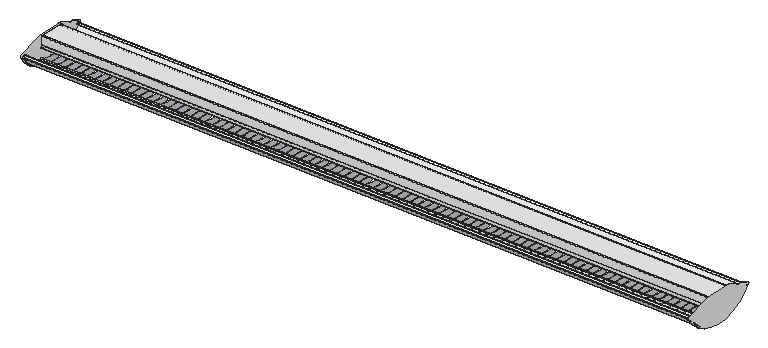
Revit family "LCBA92", category Lighting Fixtures, host Ceiling, Revit 2019 (continued)
Automatic sketch dimensions
  Extrusion 89 sketch curve to Extrusion 89 sketch curve = 0' - 0.25043"
  Extrusion 89 sketch curve to Extrusion 89 sketch curve = 0' - 0.11521"
  Extrusion 89 sketch curve to Extrusion 89 sketch curve = 0' - 0.04319"
  Extrusion 89 sketch curve to Extrusion 89 sketch curve = 0' - 0.08945"
  Extrusion 89 sketch curve to Extrusion 89 sketch curve = 0' - 0.05729"
  Extrusion 89 sketch curve to Extrusion 89 sketch curve = 0' - 0.02148"
  Extrusion 89 sketch curve to Extrusion 89 sketch curve = 0' - 0.04651"
  Extrusion 89 sketch curve to Extrusion 89 sketch curve = 0' - 0.11432"
  Extrusion 89 sketch curve to Extrusion 89 sketch curve = 0' - 0.00404"
  Extrusion 89 sketch curve to Extrusion 89 sketch curve = 0' - 0.06156"
  Extrusion 89 sketch curve to Extrusion 89 sketch curve = 0' - 0.05777"
  Extrusion 89 sketch curve to Extrusion 89 sketch curve = 0' - 0.24957"
  Extrusion 89 sketch curve to Extrusion 89 sketch curve = 0' - 0.1164"
  Extrusion 89 sketch curve to Extrusion 89 sketch curve = 0' - 0.0434"
  Extrusion 89 sketch curve to Extrusion 89 sketch curve = 0' - 0.08957"
  Extrusion 89 sketch curve to Extrusion 89 sketch curve = 0' - 0.05878"
  Extrusion 89 sketch curve to Extrusion 89 sketch curve = 0' - 0.02204"
  Extrusion 89 sketch curve to Extrusion 89 sketch curve = 0' - 0.11777"
  Extrusion 89 sketch curve to Extrusion 89 sketch curve = 0' - 1.81406"
  Extrusion 89 sketch curve to Extrusion 89 sketch curve = 0' - 0"
  Extrusion 89 sketch curve to Extrusion 89 sketch curve = 0' - 3.62674"
  Extrusion 89 sketch curve to Extrusion 89 sketch curve = 0' - 0.13108"
  Extrusion 89 sketch curve to Extrusion 89 sketch curve = 0' - 0.13208"
  Extrusion 89 sketch curve to Extrusion 89 sketch curve = 0' - 0.00107"
  Extrusion 89 sketch curve to Extrusion 89 sketch curve = 0' - 0.00122"
  Extrusion 89 sketch curve to Extrusion 89 sketch curve = 0' - 0.17689"
  Extrusion 89 sketch curve to Extrusion 89 sketch curve = 0' - 0.1749"
  Extrusion 90 sketch curve to Extrusion 90 sketch curve = 0' - 5.49786"
  Extrusion 90 sketch curve to Extrusion 90 sketch curve = 0' - 0.72846"
  Extrusion 90 sketch curve to Extrusion 90 sketch curve = 0' - 0.24983"
  Extrusion 90 sketch curve to Extrusion 90 sketch curve = 0' - 0.04916"
  Extrusion 90 sketch curve to Extrusion 90 sketch curve = 0' - 0.53161"
  Extrusion 90 sketch curve to Extrusion 90 sketch curve = 0' - 0.11075"
  Extrusion 90 sketch curve to Extrusion 90 sketch curve = 0' - 0.0006"
  Extrusion 90 sketch curve to Extrusion 90 sketch curve = 0' - 0.0618"
  Extrusion 90 sketch curve to Extrusion 90 sketch curve = 0' - 0.05701"
  Extrusion 90 sketch curve to Extrusion 90 sketch curve = 0' - 0.25043"
  Extrusion 90 sketch curve to Extrusion 90 sketch curve = 0' - 0.11521"
  Extrusion 90 sketch curve to Extrusion 90 sketch curve = 0' - 0.04319"
  Extrusion 90 sketch curve to Extrusion 90 sketch curve = 0' - 0.08945"
  Extrusion 90 sketch curve to Extrusion 90 sketch curve = 0' - 0.05729"
  Extrusion 90 sketch curve to Extrusion 90 sketch curve = 0' - 0.02148"
  Extrusion 90 sketch curve to Extrusion 90 sketch curve = 0' - 0.04651"
  Extrusion 90 sketch curve to Extrusion 90 sketch curve = 0' - 0.11432"
  Extrusion 90 sketch curve to Extrusion 90 sketch curve = 0' - 0.00404"
  Extrusion 90 sketch curve to Extrusion 90 sketch curve = 0' - 0.06156"
  Extrusion 90 sketch curve to Extrusion 90 sketch curve = 0' - 0.05777"
  Extrusion 90 sketch curve to Extrusion 90 sketch curve = 0' - 0.24957"
  Extrusion 90 sketch curve to Extrusion 90 sketch curve = 0' - 0.1164"
  Extrusion 90 sketch curve to Extrusion 90 sketch curve = 0' - 0.0434"
  Extrusion 90 sketch curve to Extrusion 90 sketch curve = 0' - 0.08957"
  Extrusion 90 sketch curve to Extrusion 90 sketch curve = 0' - 0.05878"
  Extrusion 90 sketch curve to Extrusion 90 sketch curve = 0' - 0.02204"
  Extrusion 90 sketch curve to Extrusion 90 sketch curve = 0' - 0.11777"
  Extrusion 90 sketch curve to Extrusion 90 sketch curve = 0' - 1.81406"
  Extrusion 90 sketch curve to Extrusion 90 sketch curve = 0' - 0"
  Extrusion 90 sketch curve to Extrusion 90 sketch curve = 0' - 3.62674"
  Extrusion 90 sketch curve to Extrusion 90 sketch curve = 0' - 0.13108"
  Extrusion 90 sketch curve to Extrusion 90 sketch curve = 0' - 0.13208"
  Extrusion 90 sketch curve to Extrusion 90 sketch curve = 0' - 0.00107"
  Extrusion 90 sketch curve to Extrusion 90 sketch curve = 0' - 0.00122"
  Extrusion 90 sketch curve to Extrusion 90 sketch curve = 0' - 0.17689"
  Extrusion 90 sketch curve to Extrusion 90 sketch curve = 0' - 0.1749"
  Extrusion 91 sketch curve to Extrusion 91 sketch curve = 0' - 5.49786"
  Extrusion 91 sketch curve to Extrusion 91 sketch curve = 0' - 0.72846"
  Extrusion 91 sketch curve to Extrusion 91 sketch curve = 0' - 0.24983"
  Extrusion 91 sketch curve to Extrusion 91 sketch curve = 0' - 0.04916"
  Extrusion 91 sketch curve to Extrusion 91 sketch curve = 0' - 0.53161"
  Extrusion 91 sketch curve to Extrusion 91 sketch curve = 0' - 0.11075"
  Extrusion 91 sketch curve to Extrusion 91 sketch curve = 0' - 0.0006"
  Extrusion 91 sketch curve to Extrusion 91 sketch curve = 0' - 0.0618"
  Extrusion 91 sketch curve to Extrusion 91 sketch curve = 0' - 0.05701"
  Extrusion 91 sketch curve to Extrusion 91 sketch curve = 0' - 0.25043"
  Extrusion 91 sketch curve to Extrusion 91 sketch curve = 0' - 0.11521"
  Extrusion 91 sketch curve to Extrusion 91 sketch curve = 0' - 0.04319"
  Extrusion 91 sketch curve to Extrusion 91 sketch curve = 0' - 0.08945"
  Extrusion 91 sketch curve to Extrusion 91 sketch curve = 0' - 0.05729"
  Extrusion 91 sketch curve to Extrusion 91 sketch curve = 0' - 0.02148"
  Extrusion 91 sketch curve to Extrusion 91 sketch curve = 0' - 0.04651"
  Extrusion 91 sketch curve to Extrusion 91 sketch curve = 0' - 0.11432"
  Extrusion 91 sketch curve to Extrusion 91 sketch curve = 0' - 0.00404"
  Extrusion 91 sketch curve to Extrusion 91 sketch curve = 0' - 0.06156"
  Extrusion 91 sketch curve to Extrusion 91 sketch curve = 0' - 0.05777"
  Extrusion 91 sketch curve to Extrusion 91 sketch curve = 0' - 0.24957"
  Extrusion 91 sketch curve to Extrusion 91 sketch curve = 0' - 0.1164"
  Extrusion 91 sketch curve to Extrusion 91 sketch curve = 0' - 0.0434"
  Extrusion 91 sketch curve to Extrusion 91 sketch curve = 0' - 0.08957"
  Extrusion 91 sketch curve to Extrusion 91 sketch curve = 0' - 0.05878"
  Extrusion 91 sketch curve to Extrusion 91 sketch curve = 0' - 0.02204"
  Extrusion 91 sketch curve to Extrusion 91 sketch curve = 0' - 0.11777"
  Extrusion 91 sketch curve to Extrusion 91 sketch curve = 0' - 1.81406"
  Extrusion 91 sketch curve to Extrusion 91 sketch curve = 0' - 0"
  Extrusion 91 sketch curve to Extrusion 91 sketch curve = 0' - 3.62674"
  Extrusion 91 sketch curve to Extrusion 91 sketch curve = 0' - 0.13108"
  Extrusion 91 sketch curve to Extrusion 91 sketch curve = 0' - 0.13208"
  Extrusion 91 sketch curve to Extrusion 91 sketch curve = 0' - 0.00107"
  Extrusion 91 sketch curve to Extrusion 91 sketch curve = 0' - 0.00122"
  Extrusion 91 sketch curve to Extrusion 91 sketch curve = 0' - 0.17689"
  Extrusion 91 sketch curve to Extrusion 91 sketch curve = 0' - 0.1749"
  Extrusion 92 sketch curve to Extrusion 92 sketch curve = 0' - 5.49786"
  Extrusion 92 sketch curve to Extrusion 92 sketch curve = 0' - 0.72846"
  Extrusion 92 sketch curve to Extrusion 92 sketch curve = 0' - 0.24983"
  Extrusion 92 sketch curve to Extrusion 92 sketch curve = 0' - 0.04916"
  Extrusion 92 sketch curve to Extrusion 92 sketch curve = 0' - 0.53161"
  Extrusion 92 sketch curve to Extrusion 92 sketch curve = 0' - 0.11075"
  Extrusion 92 sketch curve to Extrusion 92 sketch curve = 0' - 0.0006"
  Extrusion 92 sketch curve to Extrusion 92 sketch curve = 0' - 0.0618"
  Extrusion 92 sketch curve to Extrusion 92 sketch curve = 0' - 0.05701"
  Extrusion 92 sketch curve to Extrusion 92 sketch curve = 0' - 0.25043"
  Extrusion 92 sketch curve to Extrusion 92 sketch curve = 0' - 0.11521"
  Extrusion 92 sketch curve to Extrusion 92 sketch curve = 0' - 0.04319"
  Extrusion 92 sketch curve to Extrusion 92 sketch curve = 0' - 0.08945"
  Extrusion 92 sketch curve to Extrusion 92 sketch curve = 0' - 0.05729"
  Extrusion 92 sketch curve to Extrusion 92 sketch curve = 0' - 0.02148"
  Extrusion 92 sketch curve to Extrusion 92 sketch curve = 0' - 0.04651"
  Extrusion 92 sketch curve to Extrusion 92 sketch curve = 0' - 0.11432"
  Extrusion 92 sketch curve to Extrusion 92 sketch curve = 0' - 0.00404"
  Extrusion 92 sketch curve to Extrusion 92 sketch curve = 0' - 0.06156"
  Extrusion 92 sketch curve to Extrusion 92 sketch curve = 0' - 0.05777"
  Extrusion 92 sketch curve to Extrusion 92 sketch curve = 0' - 0.24957"
  Extrusion 92 sketch curve to Extrusion 92 sketch curve = 0' - 0.1164"
  Extrusion 92 sketch curve to Extrusion 92 sketch curve = 0' - 0.0434"
  Extrusion 92 sketch curve to Extrusion 92 sketch curve = 0' - 0.08957"
  Extrusion 92 sketch curve to Extrusion 92 sketch curve = 0' - 0.05878"
  Extrusion 92 sketch curve to Extrusion 92 sketch curve = 0' - 0.02204"
  Extrusion 92 sketch curve to Extrusion 92 sketch curve = 0' - 0.11777"
  Extrusion 92 sketch curve to Extrusion 92 sketch curve = 0' - 1.81406"
  Extrusion 92 sketch curve to Extrusion 92 sketch curve = 0' - 0"
  Extrusion 92 sketch curve to Extrusion 92 sketch curve = 0' - 3.62674"
  Extrusion 92 sketch curve to Extrusion 92 sketch curve = 0' - 0.13108"
  Extrusion 92 sketch curve to Extrusion 92 sketch curve = 0' - 0.13208"
  Extrusion 92 sketch curve to Extrusion 92 sketch curve = 0' - 0.00107"
  Extrusion 92 sketch curve to Extrusion 92 sketch curve = 0' - 0.00122"
  Extrusion 92 sketch curve to Extrusion 92 sketch curve = 0' - 0.17689"
  Extrusion 92 sketch curve to Extrusion 92 sketch curve = 0' - 0.1749"
  Extrusion 93 sketch curve to Extrusion 93 sketch curve = 0' - 5.49786"
  Extrusion 93 sketch curve to Extrusion 93 sketch curve = 0' - 0.72846"
  Extrusion 93 sketch curve to Extrusion 93 sketch curve = 0' - 0.24983"
  Extrusion 93 sketch curve to Extrusion 93 sketch curve = 0' - 0.04916"
  Extrusion 93 sketch curve to Extrusion 93 sketch curve = 0' - 0.53161"
  Extrusion 93 sketch curve to Extrusion 93 sketch curve = 0' - 0.11075"
  Extrusion 93 sketch curve to Extrusion 93 sketch curve = 0' - 0.0006"
  Extrusion 93 sketch curve to Extrusion 93 sketch curve = 0' - 0.0618"
  Extrusion 93 sketch curve to Extrusion 93 sketch curve = 0' - 0.05701"
  Extrusion 93 sketch curve to Extrusion 93 sketch curve = 0' - 0.25043"
  Extrusion 93 sketch curve to Extrusion 93 sketch curve = 0' - 0.11521"
  Extrusion 93 sketch curve to Extrusion 93 sketch curve = 0' - 0.04319"
  Extrusion 93 sketch curve to Extrusion 93 sketch curve = 0' - 0.08945"
  Extrusion 93 sketch curve to Extrusion 93 sketch curve = 0' - 0.05729"
  Extrusion 93 sketch curve to Extrusion 93 sketch curve = 0' - 0.02148"
  Extrusion 93 sketch curve to Extrusion 93 sketch curve = 0' - 0.04651"
  Extrusion 93 sketch curve to Extrusion 93 sketch curve = 0' - 0.11432"
  Extrusion 93 sketch curve to Extrusion 93 sketch curve = 0' - 0.00404"
  Extrusion 93 sketch curve to Extrusion 93 sketch curve = 0' - 0.06156"
  Extrusion 93 sketch curve to Extrusion 93 sketch curve = 0' - 0.05777"
  Extrusion 93 sketch curve to Extrusion 93 sketch curve = 0' - 0.24957"
  Extrusion 93 sketch curve to Extrusion 93 sketch curve = 0' - 0.1164"
  Extrusion 93 sketch curve to Extrusion 93 sketch curve = 0' - 0.0434"
  Extrusion 93 sketch curve to Extrusion 93 sketch curve = 0' - 0.08957"
  Extrusion 93 sketch curve to Extrusion 93 sketch curve = 0' - 0.05878"
  Extrusion 93 sketch curve to Extrusion 93 sketch curve = 0' - 0.02204"
  Extrusion 93 sketch curve to Extrusion 93 sketch curve = 0' - 0.11777"
  Extrusion 93 sketch curve to Extrusion 93 sketch curve = 0' - 1.81406"
  Extrusion 93 sketch curve to Extrusion 93 sketch curve = 0' - 0"
  Extrusion 93 sketch curve to Extrusion 93 sketch curve = 0' - 3.62674"
  Extrusion 93 sketch curve to Extrusion 93 sketch curve = 0' - 0.13108"
  Extrusion 93 sketch curve to Extrusion 93 sketch curve = 0' - 0.13208"
  Extrusion 93 sketch curve to Extrusion 93 sketch curve = 0' - 0.00107"
  Extrusion 93 sketch curve to Extrusion 93 sketch curve = 0' - 0.00122"
  Extrusion 93 sketch curve to Extrusion 93 sketch curve = 0' - 0.17689"
  Extrusion 93 sketch curve to Extrusion 93 sketch curve = 0' - 0.1749"
  Extrusion 94 sketch curve to Extrusion 94 sketch curve = 0' - 5.49786"
  Extrusion 94 sketch curve to Extrusion 94 sketch curve = 0' - 0.72846"
  Extrusion 94 sketch curve to Extrusion 94 sketch curve = 0' - 0.24983"
  Extrusion 94 sketch curve to Extrusion 94 sketch curve = 0' - 0.04916"
  Extrusion 94 sketch curve to Extrusion 94 sketch curve = 0' - 0.53161"
  Extrusion 94 sketch curve to Extrusion 94 sketch curve = 0' - 0.11075"
  Extrusion 94 sketch curve to Extrusion 94 sketch curve = 0' - 0.0006"
  Extrusion 94 sketch curve to Extrusion 94 sketch curve = 0' - 0.0618"
  Extrusion 94 sketch curve to Extrusion 94 sketch curve = 0' - 0.05701"
  Extrusion 94 sketch curve to Extrusion 94 sketch curve = 0' - 0.25043"
  Extrusion 94 sketch curve to Extrusion 94 sketch curve = 0' - 0.11521"
  Extrusion 94 sketch curve to Extrusion 94 sketch curve = 0' - 0.04319"
  Extrusion 94 sketch curve to Extrusion 94 sketch curve = 0' - 0.08945"
  Extrusion 94 sketch curve to Extrusion 94 sketch curve = 0' - 0.05729"
  Extrusion 94 sketch curve to Extrusion 94 sketch curve = 0' - 0.02148"
  Extrusion 94 sketch curve to Extrusion 94 sketch curve = 0' - 0.04651"
  Extrusion 94 sketch curve to Extrusion 94 sketch curve = 0' - 0.11432"
  Extrusion 94 sketch curve to Extrusion 94 sketch curve = 0' - 0.00404"
  Extrusion 94 sketch curve to Extrusion 94 sketch curve = 0' - 0.06156"
  Extrusion 94 sketch curve to Extrusion 94 sketch curve = 0' - 0.05777"
  Extrusion 94 sketch curve to Extrusion 94 sketch curve = 0' - 0.24957"
  Extrusion 94 sketch curve to Extrusion 94 sketch curve = 0' - 0.1164"
  Extrusion 94 sketch curve to Extrusion 94 sketch curve = 0' - 0.0434"
  Extrusion 94 sketch curve to Extrusion 94 sketch curve = 0' - 0.08957"
  Extrusion 94 sketch curve to Extrusion 94 sketch curve = 0' - 0.05878"
  Extrusion 94 sketch curve to Extrusion 94 sketch curve = 0' - 0.02204"
  Extrusion 94 sketch curve to Extrusion 94 sketch curve = 0' - 0.11777"
  Extrusion 94 sketch curve to Extrusion 94 sketch curve = 0' - 1.81406"
  Extrusion 94 sketch curve to Extrusion 94 sketch curve = 0' - 0"
  Extrusion 94 sketch curve to Extrusion 94 sketch curve = 0' - 3.62674"
  Extrusion 94 sketch curve to Extrusion 94 sketch curve = 0' - 0.13108"
  Extrusion 94 sketch curve to Extrusion 94 sketch curve = 0' - 0.13208"
  Extrusion 94 sketch curve to Extrusion 94 sketch curve = 0' - 0.00107"
  Extrusion 94 sketch curve to Extrusion 94 sketch curve = 0' - 0.00122"
  Extrusion 94 sketch curve to Extrusion 94 sketch curve = 0' - 0.17689"
  Extrusion 94 sketch curve to Extrusion 94 sketch curve = 0' - 0.1749"
  Extrusion 95 sketch curve to Extrusion 95 sketch curve = 0' - 5.49786"
  Extrusion 95 sketch curve to Extrusion 95 sketch curve = 0' - 0.72846"
  Extrusion 95 sketch curve to Extrusion 95 sketch curve = 0' - 0.24983"
  Extrusion 95 sketch curve to Extrusion 95 sketch curve = 0' - 0.04916"
  Extrusion 95 sketch curve to Extrusion 95 sketch curve = 0' - 0.53161"
  Extrusion 95 sketch curve to Extrusion 95 sketch curve = 0' - 0.11075"
  Extrusion 95 sketch curve to Extrusion 95 sketch curve = 0' - 0.0006"
  Extrusion 95 sketch curve to Extrusion 95 sketch curve = 0' - 0.0618"
  Extrusion 95 sketch curve to Extrusion 95 sketch curve = 0' - 0.05701"
  Extrusion 95 sketch curve to Extrusion 95 sketch curve = 0' - 0.25043"
  Extrusion 95 sketch curve to Extrusion 95 sketch curve = 0' - 0.11521"
  Extrusion 95 sketch curve to Extrusion 95 sketch curve = 0' - 0.04319"
  Extrusion 95 sketch curve to Extrusion 95 sketch curve = 0' - 0.08945"
  Extrusion 95 sketch curve to Extrusion 95 sketch curve = 0' - 0.05729"
  Extrusion 95 sketch curve to Extrusion 95 sketch curve = 0' - 0.02148"
  Extrusion 95 sketch curve to Extrusion 95 sketch curve = 0' - 0.04651"
  Extrusion 95 sketch curve to Extrusion 95 sketch curve = 0' - 0.11432"
  Extrusion 95 sketch curve to Extrusion 95 sketch curve = 0' - 0.00404"
  Extrusion 95 sketch curve to Extrusion 95 sketch curve = 0' - 0.06156"
  Extrusion 95 sketch curve to Extrusion 95 sketch curve = 0' - 0.05777"
  Extrusion 95 sketch curve to Extrusion 95 sketch curve = 0' - 0.24957"
  Extrusion 95 sketch curve to Extrusion 95 sketch curve = 0' - 0.1164"
  Extrusion 95 sketch curve to Extrusion 95 sketch curve = 0' - 0.0434"
  Extrusion 95 sketch curve to Extrusion 95 sketch curve = 0' - 0.08957"
  Extrusion 95 sketch curve to Extrusion 95 sketch curve = 0' - 0.05878"
  Extrusion 95 sketch curve to Extrusion 95 sketch curve = 0' - 0.02204"
  Extrusion 95 sketch curve to Extrusion 95 sketch curve = 0' - 0.11777"
  Extrusion 95 sketch curve to Extrusion 95 sketch curve = 0' - 1.81406"
  Extrusion 95 sketch curve to Extrusion 95 sketch curve = 0' - 0"
  Extrusion 95 sketch curve to Extrusion 95 sketch curve = 0' - 3.62674"
  Extrusion 95 sketch curve to Extrusion 95 sketch curve = 0' - 0.13108"
  Extrusion 95 sketch curve to Extrusion 95 sketch curve = 0' - 0.13208"
  Extrusion 95 sketch curve to Extrusion 95 sketch curve = 0' - 0.00107"
  Extrusion 95 sketch curve to Extrusion 95 sketch curve = 0' - 0.00122"
  Extrusion 95 sketch curve to Extrusion 95 sketch curve = 0' - 0.17689"
  Extrusion 95 sketch curve to Extrusion 95 sketch curve = 0' - 0.1749"
  Extrusion 96 sketch curve to Extrusion 96 sketch curve = 0' - 5.49786"
  Extrusion 96 sketch curve to Extrusion 96 sketch curve = 0' - 0.72846"
  Extrusion 96 sketch curve to Extrusion 96 sketch curve = 0' - 0.24983"
  Extrusion 96 sketch curve to Extrusion 96 sketch curve = 0' - 0.04916"
  Extrusion 96 sketch curve to Extrusion 96 sketch curve = 0' - 0.53161"
  Extrusion 96 sketch curve to Extrusion 96 sketch curve = 0' - 0.11075"
  Extrusion 96 sketch curve to Extrusion 96 sketch curve = 0' - 0.0006"
  Extrusion 96 sketch curve to Extrusion 96 sketch curve = 0' - 0.0618"
  Extrusion 96 sketch curve to Extrusion 96 sketch curve = 0' - 0.05701"
  Extrusion 96 sketch curve to Extrusion 96 sketch curve = 0' - 0.25043"
  Extrusion 96 sketch curve to Extrusion 96 sketch curve = 0' - 0.11521"
  Extrusion 96 sketch curve to Extrusion 96 sketch curve = 0' - 0.04319"
  Extrusion 96 sketch curve to Extrusion 96 sketch curve = 0' - 0.08945"
  Extrusion 96 sketch curve to Extrusion 96 sketch curve = 0' - 0.05729"
  Extrusion 96 sketch curve to Extrusion 96 sketch curve = 0' - 0.02148"
  Extrusion 96 sketch curve to Extrusion 96 sketch curve = 0' - 0.04651"
  Extrusion 96 sketch curve to Extrusion 96 sketch curve = 0' - 0.11432"
  Extrusion 96 sketch curve to Extrusion 96 sketch curve = 0' - 0.00404"
  Extrusion 96 sketch curve to Extrusion 96 sketch curve = 0' - 0.06156"
  Extrusion 96 sketch curve to Extrusion 96 sketch curve = 0' - 0.05777"
  Extrusion 96 sketch curve to Extrusion 96 sketch curve = 0' - 0.24957"
  Extrusion 96 sketch curve to Extrusion 96 sketch curve = 0' - 0.1164"
  Extrusion 96 sketch curve to Extrusion 96 sketch curve = 0' - 0.0434"
  Extrusion 96 sketch curve to Extrusion 96 sketch curve = 0' - 0.08957"
  Extrusion 96 sketch curve to Extrusion 96 sketch curve = 0' - 0.05878"
  Extrusion 96 sketch curve to Extrusion 96 sketch curve = 0' - 0.02204"
  Extrusion 96 sketch curve to Extrusion 96 sketch curve = 0' - 0.11777"
  Extrusion 96 sketch curve to Extrusion 96 sketch curve = 0' - 1.81406"
  Extrusion 96 sketch curve to Extrusion 96 sketch curve = 0' - 0"
  Extrusion 96 sketch curve to Extrusion 96 sketch curve = 0' - 3.62674"
  Extrusion 96 sketch curve to Extrusion 96 sketch curve = 0' - 0.13108"
  Extrusion 96 sketch curve to Extrusion 96 sketch curve = 0' - 0.13208"
  Extrusion 96 sketch curve to Extrusion 96 sketch curve = 0' - 0.00107"
  Extrusion 96 sketch curve to Extrusion 96 sketch curve = 0' - 0.00122"
  Extrusion 96 sketch curve to Extrusion 96 sketch curve = 0' - 0.17689"
  Extrusion 96 sketch curve to Extrusion 96 sketch curve = 0' - 0.1749"
  Extrusion 97 sketch curve to Extrusion 97 sketch curve = 0' - 5.49786"
  Extrusion 97 sketch curve to Extrusion 97 sketch curve = 0' - 0.72846"
  Extrusion 97 sketch curve to Extrusion 97 sketch curve = 0' - 0.24983"
  Extrusion 97 sketch curve to Extrusion 97 sketch curve = 0' - 0.04916"
  Extrusion 97 sketch curve to Extrusion 97 sketch curve = 0' - 0.53161"
  Extrusion 97 sketch curve to Extrusion 97 sketch curve = 0' - 0.11075"
  Extrusion 97 sketch curve to Extrusion 97 sketch curve = 0' - 0.0006"
  Extrusion 97 sketch curve to Extrusion 97 sketch curve = 0' - 0.0618"
  Extrusion 97 sketch curve to Extrusion 97 sketch curve = 0' - 0.05701"
  Extrusion 97 sketch curve to Extrusion 97 sketch curve = 0' - 0.25043"
  Extrusion 97 sketch curve to Extrusion 97 sketch curve = 0' - 0.11521"
  Extrusion 97 sketch curve to Extrusion 97 sketch curve = 0' - 0.04319"
  Extrusion 97 sketch curve to Extrusion 97 sketch curve = 0' - 0.08945"
  Extrusion 97 sketch curve to Extrusion 97 sketch curve = 0' - 0.05729"
  Extrusion 97 sketch curve to Extrusion 97 sketch curve = 0' - 0.02148"
  Extrusion 97 sketch curve to Extrusion 97 sketch curve = 0' - 0.04651"
  Extrusion 97 sketch curve to Extrusion 97 sketch curve = 0' - 0.11432"
  Extrusion 97 sketch curve to Extrusion 97 sketch curve = 0' - 0.00404"
  Extrusion 97 sketch curve to Extrusion 97 sketch curve = 0' - 0.06156"
  Extrusion 97 sketch curve to Extrusion 97 sketch curve = 0' - 0.05777"
  Extrusion 97 sketch curve to Extrusion 97 sketch curve = 0' - 0.24957"
  Extrusion 97 sketch curve to Extrusion 97 sketch curve = 0' - 0.1164"
  Extrusion 97 sketch curve to Extrusion 97 sketch curve = 0' - 0.0434"
  Extrusion 97 sketch curve to Extrusion 97 sketch curve = 0' - 0.08957"
  Extrusion 97 sketch curve to Extrusion 97 sketch curve = 0' - 0.05878"
  Extrusion 97 sketch curve to Extrusion 97 sketch curve = 0' - 0.02204"
  Extrusion 97 sketch curve to Extrusion 97 sketch curve = 0' - 0.11777"
  Extrusion 97 sketch curve to Extrusion 97 sketch curve = 0' - 1.81406"
  Extrusion 97 sketch curve to Extrusion 97 sketch curve = 0' - 0"
  Extrusion 97 sketch curve to Extrusion 97 sketch curve = 0' - 3.62674"
  Extrusion 97 sketch curve to Extrusion 97 sketch curve = 0' - 0.13108"
  Extrusion 97 sketch curve to Extrusion 97 sketch curve = 0' - 0.13208"
  Extrusion 97 sketch curve to Extrusion 97 sketch curve = 0' - 0.00107"
  Extrusion 97 sketch curve to Extrusion 97 sketch curve = 0' - 0.00122"
  Extrusion 97 sketch curve to Extrusion 97 sketch curve = 0' - 0.17689"
  Extrusion 97 sketch curve to Extrusion 97 sketch curve = 0' - 0.1749"
  Extrusion 98 sketch curve to Extrusion 98 sketch curve = 0' - 5.49786"
  Extrusion 98 sketch curve to Extrusion 98 sketch curve = 0' - 0.72846"
  Extrusion 98 sketch curve to Extrusion 98 sketch curve = 0' - 0.24983"
  Extrusion 98 sketch curve to Extrusion 98 sketch curve = 0' - 0.04916"
  Extrusion 98 sketch curve to Extrusion 98 sketch curve = 0' - 0.53161"
  Extrusion 98 sketch curve to Extrusion 98 sketch curve = 0' - 0.11075"
  Extrusion 98 sketch curve to Extrusion 98 sketch curve = 0' - 0.0006"
  Extrusion 98 sketch curve to Extrusion 98 sketch curve = 0' - 0.0618"
  Extrusion 98 sketch curve to Extrusion 98 sketch curve = 0' - 0.05701"
  Extrusion 98 sketch curve to Extrusion 98 sketch curve = 0' - 0.25043"
  Extrusion 98 sketch curve to Extrusion 98 sketch curve = 0' - 0.11521"
  Extrusion 98 sketch curve to Extrusion 98 sketch curve = 0' - 0.04319"
  Extrusion 98 sketch curve to Extrusion 98 sketch curve = 0' - 0.08945"
  Extrusion 98 sketch curve to Extrusion 98 sketch curve = 0' - 0.05729"
  Extrusion 98 sketch curve to Extrusion 98 sketch curve = 0' - 0.02148"
  Extrusion 98 sketch curve to Extrusion 98 sketch curve = 0' - 0.04651"
  Extrusion 98 sketch curve to Extrusion 98 sketch curve = 0' - 0.11432"
  Extrusion 98 sketch curve to Extrusion 98 sketch curve = 0' - 0.00404"
  Extrusion 98 sketch curve to Extrusion 98 sketch curve = 0' - 0.06156"
  Extrusion 98 sketch curve to Extrusion 98 sketch curve = 0' - 0.05777"
  Extrusion 98 sketch curve to Extrusion 98 sketch curve = 0' - 0.24957"
  Extrusion 98 sketch curve to Extrusion 98 sketch curve = 0' - 0.1164"
  Extrusion 98 sketch curve to Extrusion 98 sketch curve = 0' - 0.0434"
  Extrusion 98 sketch curve to Extrusion 98 sketch curve = 0' - 0.08957"
  Extrusion 98 sketch curve to Extrusion 98 sketch curve = 0' - 0.05878"
  Extrusion 98 sketch curve to Extrusion 98 sketch curve = 0' - 0.02204"
  Extrusion 98 sketch curve to Extrusion 98 sketch curve = 0' - 0.11777"
  Extrusion 98 sketch curve to Extrusion 98 sketch curve = 0' - 1.81406"
  Extrusion 98 sketch curve to Extrusion 98 sketch curve = 0' - 0"
  Extrusion 98 sketch curve to Extrusion 98 sketch curve = 0' - 3.62674"
  Extrusion 98 sketch curve to Extrusion 98 sketch curve = 0' - 0.13108"
  Extrusion 98 sketch curve to Extrusion 98 sketch curve = 0' - 0.13208"
  Extrusion 98 sketch curve to Extrusion 98 sketch curve = 0' - 0.00107"
  Extrusion 98 sketch curve to Extrusion 98 sketch curve = 0' - 0.00122"
  Extrusion 98 sketch curve to Extrusion 98 sketch curve = 0' - 0.17689"
  Extrusion 98 sketch curve to Extrusion 98 sketch curve = 0' - 0.1749"
  Extrusion 99 sketch curve to Extrusion 99 sketch curve = 0' - 5.49786"
  Extrusion 99 sketch curve to Extrusion 99 sketch curve = 0' - 0.72846"
  Extrusion 99 sketch curve to Extrusion 99 sketch curve = 0' - 0.24983"
  Extrusion 99 sketch curve to Extrusion 99 sketch curve = 0' - 0.04916"
  Extrusion 99 sketch curve to Extrusion 99 sketch curve = 0' - 0.53161"
  Extrusion 99 sketch curve to Extrusion 99 sketch curve = 0' - 0.11075"
  Extrusion 99 sketch curve to Extrusion 99 sketch curve = 0' - 0.0006"
  Extrusion 99 sketch curve to Extrusion 99 sketch curve = 0' - 0.0618"
  Extrusion 99 sketch curve to Extrusion 99 sketch curve = 0' - 0.05701"
  Extrusion 99 sketch curve to Extrusion 99 sketch curve = 0' - 0.25043"
  Extrusion 99 sketch curve to Extrusion 99 sketch curve = 0' - 0.11521"
  Extrusion 99 sketch curve to Extrusion 99 sketch curve = 0' - 0.04319"
  Extrusion 99 sketch curve to Extrusion 99 sketch curve = 0' - 0.08945"
  Extrusion 99 sketch curve to Extrusion 99 sketch curve = 0' - 0.05729"
  Extrusion 99 sketch curve to Extrusion 99 sketch curve = 0' - 0.02148"
  Extrusion 99 sketch curve to Extrusion 99 sketch curve = 0' - 0.04651"
  Extrusion 99 sketch curve to Extrusion 99 sketch curve = 0' - 0.11432"
  Extrusion 99 sketch curve to Extrusion 99 sketch curve = 0' - 0.00404"
  Extrusion 99 sketch curve to Extrusion 99 sketch curve = 0' - 0.06156"
  Extrusion 99 sketch curve to Extrusion 99 sketch curve = 0' - 0.05777"
  Extrusion 99 sketch curve to Extrusion 99 sketch curve = 0' - 0.24957"
  Extrusion 99 sketch curve to Extrusion 99 sketch curve = 0' - 0.1164"
  Extrusion 99 sketch curve to Extrusion 99 sketch curve = 0' - 0.0434"
  Extrusion 99 sketch curve to Extrusion 99 sketch curve = 0' - 0.08957"
  Extrusion 99 sketch curve to Extrusion 99 sketch curve = 0' - 0.05878"
  Extrusion 99 sketch curve to Extrusion 99 sketch curve = 0' - 0.02204"
  Extrusion 99 sketch curve to Extrusion 99 sketch curve = 0' - 0.11777"
  Extrusion 99 sketch curve to Extrusion 99 sketch curve = 0' - 1.81406"
  Extrusion 99 sketch curve to Extrusion 99 sketch curve = 0' - 0"
  Extrusion 99 sketch curve to Extrusion 99 sketch curve = 0' - 3.62674"
  Extrusion 99 sketch curve to Extrusion 99 sketch curve = 0' - 0.13108"
  Extrusion 99 sketch curve to Extrusion 99 sketch curve = 0' - 0.13208"
  Extrusion 99 sketch curve to Extrusion 99 sketch curve = 0' - 0.00107"
  Extrusion 99 sketch curve to Extrusion 99 sketch curve = 0' - 0.00122"
  Extrusion 99 sketch curve to Extrusion 99 sketch curve = 0' - 0.17689"
  Extrusion 99 sketch curve to Extrusion 99 sketch curve = 0' - 0.1749"
  Extrusion 100 sketch curve to Extrusion 100 sketch curve = 0' - 5.49786"
  Extrusion 100 sketch curve to Extrusion 100 sketch curve = 0' - 0.72846"
  Extrusion 100 sketch curve to Extrusion 100 sketch curve = 0' - 0.24983"
  Extrusion 100 sketch curve to Extrusion 100 sketch curve = 0' - 0.04916"
  Extrusion 100 sketch curve to Extrusion 100 sketch curve = 0' - 0.53161"
  Extrusion 100 sketch curve to Extrusion 100 sketch curve = 0' - 0.11075"
  Extrusion 100 sketch curve to Extrusion 100 sketch curve = 0' - 0.0006"
  Extrusion 100 sketch curve to Extrusion 100 sketch curve = 0' - 0.0618"
  Extrusion 100 sketch curve to Extrusion 100 sketch curve = 0' - 0.05701"
  Extrusion 100 sketch curve to Extrusion 100 sketch curve = 0' - 0.25043"
  Extrusion 100 sketch curve to Extrusion 100 sketch curve = 0' - 0.11521"
  Extrusion 100 sketch curve to Extrusion 100 sketch curve = 0' - 0.04319"
  Extrusion 100 sketch curve to Extrusion 100 sketch curve = 0' - 0.08945"
  Extrusion 100 sketch curve to Extrusion 100 sketch curve = 0' - 0.05729"
  Extrusion 100 sketch curve to Extrusion 100 sketch curve = 0' - 0.02148"
  Extrusion 100 sketch curve to Extrusion 100 sketch curve = 0' - 0.04651"
  Extrusion 100 sketch curve to Extrusion 100 sketch curve = 0' - 0.11432"
  Extrusion 100 sketch curve to Extrusion 100 sketch curve = 0' - 0.00404"
  Extrusion 100 sketch curve to Extrusion 100 sketch curve = 0' - 0.06156"
  Extrusion 100 sketch curve to Extrusion 100 sketch curve = 0' - 0.05777"
  Extrusion 100 sketch curve to Extrusion 100 sketch curve = 0' - 0.24957"
  Extrusion 100 sketch curve to Extrusion 100 sketch curve = 0' - 0.1164"
  Extrusion 100 sketch curve to Extrusion 100 sketch curve = 0' - 0.0434"
  Extrusion 100 sketch curve to Extrusion 100 sketch curve = 0' - 0.08957"
  Extrusion 100 sketch curve to Extrusion 100 sketch curve = 0' - 0.05878"
  Extrusion 100 sketch curve to Extrusion 100 sketch curve = 0' - 0.02204"
  Extrusion 100 sketch curve to Extrusion 100 sketch curve = 0' - 0.11777"
  Extrusion 100 sketch curve to Extrusion 100 sketch curve = 0' - 1.81406"
  Extrusion 100 sketch curve to Extrusion 100 sketch curve = 0' - 0"
  Extrusion 100 sketch curve to Extrusion 100 sketch curve = 0' - 3.62674"
  Extrusion 100 sketch curve to Extrusion 100 sketch curve = 0' - 0.13108"
  Extrusion 100 sketch curve to Extrusion 100 sketch curve = 0' - 0.13208"
  Extrusion 100 sketch curve to Extrusion 100 sketch curve = 0' - 0.00107"
  Extrusion 100 sketch curve to Extrusion 100 sketch curve = 0' - 0.00122"
  Extrusion 100 sketch curve to Extrusion 100 sketch curve = 0' - 0.17689"
  Extrusion 100 sketch curve to Extrusion 100 sketch curve = 0' - 0.1749"
Connectors (in)
  electrical at (0, 0, 71.875), driven by "Voltage", driven by "Lamp Wattage"
    settings: index 1, voltage 120 V, apparent load 0 VA, apparent load phase1 64 VA, apparent load phase2 0 VA, apparent load phase3 0 VA, power factor 1, load classification "Other", number of poles 1, system type 31, power factor state 1, is connector primary yes, connector utility no, sub classification motor no, connector description ""
